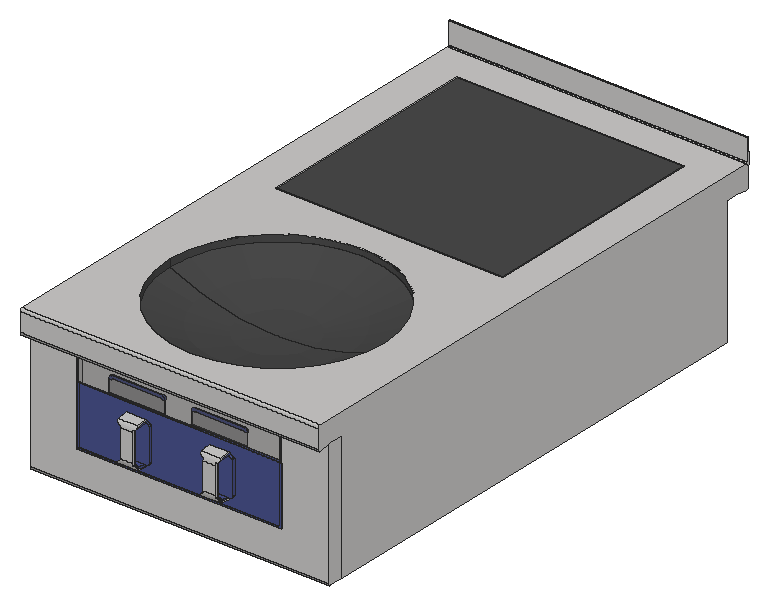
Revit family "QF_ELECTROLUXPROFESSIONAL_589040_MCIJABEOAO", category Specialty Equipment, Revit 2018
Family settings
  Round Connector Dimension = Use Diameter
  Part Type = Normal
  Work Plane-Based = No
  Always vertical = Yes
  Cut with Voids When Loaded = No
  Shared = No
  Room Calculation Point = No
Parameters
  Weight in Pounds = 55.1
  Watts = 10000 VA  # 10000 W
  Volts = 400 V  # constant formula
  URL Cutsheet = ""
  Type Mark [instance] = ""
  Status [instance] = ""
  Specification by User [instance] = ""
  Specification by Manufacturer = ""
  Serial Number = ""
  Seismic Rating = ""
  SMACNA No = ""
  Revision Code [instance] = ""
  Phase = 3  # constant formula
  Omniclass Number and Title = ""
  Number of Poles [instance] = 1
  NAFEM Spec ID Number = ""
  Model = "589040"
  Min Ckt Ampacity = 0 A
  Max Overcurrent Protection = 0 A
  Masterspec = ""
  Manufacturer = "ELECTROLUX"
  Item Number [instance] = ""
  Installed By [instance] = ""
  Identify Quantity as Lot [instance] = yes
  HP = "13.4 HP"
  Furnished By [instance] = ""
  Foodservice Equipment Identifier [instance] = yes
  FL Amps [instance] = if(Phase = 3, Watts / (Volts * 1.73), Watts / Volts)  # 14.4509 A
  Electrical Remarks = "400 V/3N ph/50/60 Hz"  # constant formula
  Electric Connection Type [instance] = ""
  Elec Conn RI Height [instance] = 0 mm
  Elec Conn Connection Height [instance] = 0 mm
  Direct Waste Size = 0"
  Description = "INDUCT.WOK+PLATE,2ZONE,1S,BS,500X900X250"
  Cycle [instance] = if([60 Hertz Option], 60 Hz, 50 Hz)  # 60 Hz
  Conn Plug = ""
  Conn Conduit = yes
  CSI MasterFormat = ""
  CSI Master Format = ""
  Apparent Power [instance] = if(Phase = 3, Volts * FL Amps * 1.73, Volts * FL Amps)  # 10000 VA
  60 Hertz Option [instance] = not([50 Hertz Option])  # yes
  50 Hertz Option [instance] = no
Reference planes
  plane 1 "BACK": y = 0
  plane 2: z = 0
  plane 3 "LEFT": x = 0
  plane 4 "RIGHT": x = 500
  plane 5 "FRONT": y = -900
  plane 6 "TOP": z = 250
  plane 7: x = 250
  plane 8: y = -450
  plane 9: x = 455
Forms (mm)
  Extrusion 1, solid, material "QF_Finishes_Stainless Steel"
    sketch origin (0, -487.128, 0) x (0, 1, 0) y (0, 0, 1)
      loop
        line (483.128, 250) -> (-408.872, 250)
        arc (-408.872, 250) -> (-411.7, 248.828) -> (-412.872, 246) r 4
        line (-412.872, 246) -> (-412.872, 214)
        arc (-412.872, 214) -> (-411.443, 210.936) -> (-408.177, 210.061) r 4
        line (-408.177, 210.061) -> (-391.509, 213) -> (-366.872, 213) -> (-366.872, 0) -> (441.128, 0) -> (441.128, 213) -> (465.765, 213) -> (482.433, 210.061)
        arc (482.433, 210.061) -> (485.699, 210.936) -> (487.128, 214) r 4
        line (487.128, 214) -> (487.128, 246)
        arc (487.128, 246) -> (485.956, 248.828) -> (483.128, 250) r 4
    from 0 to 500
  Extrusion 2, solid, material "QF_Finishes_Stainless Steel"
    sketch origin (0, -854, 0) x (1, 0, 0) y (0, -1, 0)
      loop
        circle (455, -169) r 6.35
    from 0 to 3.2
  Revolve 3, void
    sketch origin (1178.738, -675, 1219.2) x (-1, 0, 0) y (0, 0, 1)
      loop
        line (928.738, -969.2) -> (928.738, -1021.018)
        arc (928.738, -1021.018) -> (1020.986, -1010.707) -> (1108.738, -980.45) r 421.407
        line (1108.738, -980.45) -> (1108.738, -969.2) -> (928.738, -969.2)
      axis (928.738, -969.2) -> (928.738, -1021.018)
    angle from 0 to 360
  Extrusion 4, solid, material "QF_Finishes_Black"
    sketch origin (-975.299, -4572, 250) x (-1, 0, 0) y (0, -1, 0)
      loop
        line (-1035.299, -4132) -> (-1415.299, -4132) -> (-1415.299, -4512) -> (-1035.299, -4512) -> (-1035.299, -4132)
    from 0 to -25.4
  Extrusion 5, void
    sketch origin (-975.299, -4572, 250) x (-1, 0, 0) y (0, -1, 0)
      loop
        line (-1035.299, -4132) -> (-1415.299, -4132) -> (-1415.299, -4512) -> (-1035.299, -4512) -> (-1035.299, -4132)
    from 0 to -25.4
  Extrusion 6, solid, material "QF_Finishes_Stainless Steel"
    sketch origin (0, -950.048, 294.179) x (0, -1, 0) y (0, 0, -1)
      loop
        arc (-948.097, 42.179) -> (-947.511, 43.594) -> (-946.097, 44.179) r 2
        arc (-946.097, 44.179) -> (-948.877, 45.357) -> (-950.048, 48.185) r 4
        line (-950.048, 48.185) -> (-950.048, 6.179) -> (-948.097, 6.179) -> (-948.097, 42.179)
    from 0 to 500
Cuts and joins
  Revolve 3, Extrusion 5 cuts Extrusion 1
Lines and regions (mm)
  symbolic lines
    curve 1: line (0, 0, 0) -> (500, 0, 0)
    curve 2: line (0, -900, 0) -> (0, 0, 0)
    curve 3: line (500, -900, 0) -> (0, -900, 0)
    curve 4: line (500, 0, 0) -> (500, -900, 0)
    curve 5: arc (70, -675, 0) -> (250, -495, 0) -> (430, -675, 0) r 180
    curve 6: arc (430, -675, 0) -> (250, -855, 0) -> (70, -675, 0) r 180
    curve 7: line (440, -60, 250) -> (60, -60, 250)
    curve 8: line (440, -440, 250) -> (440, -60, 250)
    curve 9: line (60, -440, 250) -> (440, -440, 250)
    curve 10: line (60, -60, 250) -> (60, -440, 250)
    curve 11: line (0, -1.951, 250) -> (500, -1.951, 250)
Dimensions and locks
  plane 3 "LEFT" to plane 4 "RIGHT" = 500 mm
  plane 5 "FRONT" to plane 1 "BACK" = 900 mm
  equal spacing: plane 3 "LEFT", plane 7, plane 4 "RIGHT"
  equal spacing: plane 5 "FRONT", plane 8, plane 1 "BACK"
  plane 6 "TOP" to level = 250 mm  (x2)
  plane 1 "BACK" to plane 5 "FRONT" = 900 mm
  Extrusion 2 sketch curve to plane 1 "BACK" = 685 mm
  Extrusion 2 sketch curve to plane 4 "RIGHT" = 45 mm
  plane 1 "BACK" to Extrusion 2 = 685 mm
  plane 9 to plane 4 "RIGHT" = 45 mm
  plane 5 "FRONT" to plane 8 = 450 mm
  plane 1 "BACK" to plane 8 = 450 mm
  aligned and locked: level to plane 2
Automatic sketch dimensions
  Extrusion 1 sketch curve to plane 5 "FRONT" = 0 mm
  Extrusion 1 sketch curve to plane 6 "TOP" = 0 mm
  Extrusion 1 sketch curve to level = 0 mm
  Extrusion 1 sketch curve to plane 1 "BACK" = 0 mm
  Extrusion 1 sketch curve to plane 6 "TOP" = 37 mm  (x2)
  Extrusion 1 sketch curve to plane 5 "FRONT" = 4 mm
  Extrusion 1 sketch curve to plane 5 "FRONT" = 21.363 mm
  Extrusion 1 sketch curve to Extrusion 1 sketch curve = 24.637 mm
  plane 1 "BACK" to Extrusion 1 sketch curve = 46 mm
  plane 1 "BACK" to Extrusion 1 sketch curve = 21.363 mm
  plane 1 "BACK" to Extrusion 1 sketch curve = 4 mm  (x2)
  Extrusion 1 sketch curve to Extrusion 1 sketch curve = 4 mm
  Extrusion 1 sketch curve to Extrusion 1 sketch curve = 0.695 mm
  Extrusion 1 sketch curve to Extrusion 1 sketch curve = 0 mm  (x4)
  plane 1 "BACK" to Extrusion 1 sketch curve = 4.695 mm
  Extrusion 1 sketch curve to Extrusion 1 sketch curve = 1 mm  (x2)
  plane 1 "BACK" to curve 1 = 0 mm
  curve 1 to plane 4 "RIGHT" = 0 mm
  curve 3 to plane 3 "LEFT" = 0 mm
  plane 5 "FRONT" to curve 3 = 0 mm
  curve 6 to plane 7 = 0 mm
  plane 9 to curve 6 = 25 mm
  Revolve 3 sketch curve to plane 7 = 0 mm  (x2)
  Revolve 3 sketch curve to plane 6 "TOP" = 0 mm
  Revolve 3 sketch curve to plane 6 "TOP" = 51.818 mm
  plane 3 "LEFT" to Revolve 3 sketch curve = 70 mm
  plane 7 to Revolve 3 sketch curve = 0.405 mm
  Revolve 3 sketch curve to Revolve 3 sketch curve = 11.25 mm
  Revolve 3 sketch curve to level = 215 mm
  plane 6 "TOP" to Revolve 3 sketch curve = 110 mm
  plane 9 to Extrusion 4 sketch curve = 15 mm
  plane 1 "BACK" to Extrusion 4 sketch curve = 60 mm
  plane 3 "LEFT" to Extrusion 4 sketch curve = 60 mm
  plane 8 to Extrusion 4 sketch curve = 10 mm
  plane 9 to Extrusion 5 sketch curve = 15 mm
  plane 1 "BACK" to Extrusion 5 sketch curve = 60 mm
  plane 3 "LEFT" to Extrusion 5 sketch curve = 60 mm
  plane 8 to Extrusion 5 sketch curve = 10 mm
  curve 5 to curve 6 = 0 mm
  curve 5 to plane 5 "FRONT" = 225 mm
  plane 9 to curve 8 = 15 mm
  plane 1 "BACK" to curve 8 = 60 mm
  plane 8 to curve 8 = 10 mm
  plane 3 "LEFT" to curve 9 = 60 mm
  Extrusion 6 sketch curve to plane 1 "BACK" = 0 mm  (x2)
  Extrusion 6 sketch curve to plane 6 "TOP" = 2 mm
  Extrusion 6 sketch curve to plane 6 "TOP" = 0 mm
  Extrusion 6 sketch curve to Extrusion 6 sketch curve = 1.951 mm
  plane 6 "TOP" to Extrusion 6 sketch curve = 0.006 mm
  Extrusion 6 sketch curve to Extrusion 6 sketch curve = 0.049 mm
  Extrusion 6 sketch curve to Extrusion 6 sketch curve = 36 mm
  Extrusion 6 sketch curve to Extrusion 6 sketch curve = 0 mm
  radius of Extrusion 2 sketch curve = 6.35 mm
Nested families
  nested 1: "IW_900_500 mm Double Control Front Panel" at (252.376, -854, -650), type "IW_900_500 mm Double Control Front Panel"
Connectors
  electrical at (455, -685, -3.2), driven by "Volts", driven by "Watts"
    settings: on Extrusion 2, index 1, voltage 400 V, apparent load 10000 VA, apparent load phase1 0 VA, apparent load phase2 0 VA, apparent load phase3 0 VA, power factor 1, load classification "Other", number of poles 1, system type 30, power factor state 1, is connector primary yes, connector utility no, sub classification motor no, connector description "ELECTRICAL CONNECTION"
Definition of nested family "IW_900_500 mm Double Control Front Panel"
  Reference planes
    plane 1 "Center (Front/Back)": y = 0
    plane 2: z = 0
    plane 3 "Center (Left/Right)": x = -2.376
    plane 4: x = -252.376
    plane 5: x = 247.624
  Forms (mm)
    Extrusion 1, solid
      sketch origin (833.217, 829.203, -1.25) x (0, 1, 0) y (0, 0, 1)
        loop
          arc (-854.203, 654.25) -> (-853.324, 652.129) -> (-851.203, 651.25) r 3
          line (-851.203, 651.25) -> (-829.203, 651.25) -> (-829.203, 864.25) -> (-854.203, 864.25) -> (-854.203, 654.25)
      from -1085.593 to -585.593
    Extrusion 2, void
      sketch origin (33.217, 829.203, -1.25) x (1, 0, 0) y (0, 0, 1)
        loop
          line (-207.593, 852.364) -> (-207.593, 710.364) -> (136.407, 710.364) -> (136.407, 852.364) -> (-207.593, 852.364)
      from 843.409 to 854.203
  Cuts and joins
    Extrusion 2 cuts Extrusion 1
  Lines and regions (mm)
    symbolic lines
      curve 1: line (-55.722, -48.326, 0) -> (-55.722, -46, 0)
      curve 2: spline (-61.391, -49.73, 0) -> (-60.912, -49.657, 0) -> (-60.434, -49.575, 0) -> (-59.957, -49.486, 0) -> (-59.481, -49.389, 0) -> (-59.007, -49.283, 0) -> (-58.533, -49.17, 0) -> (-58.061, -49.049, 0) -> (-57.59, -48.92, 0) -> (-57.121, -48.783, 0) -> (-56.653, -48.638, 0) -> (-56.187, -48.486, 0) -> (-55.722, -48.326, 0)
      curve 3: line (-87.938, -48.326, 0) -> (-87.938, -46, 0)
      curve 4: spline (-87.938, -48.326, 0) -> (-87.473, -48.486, 0) -> (-87.007, -48.638, 0) -> (-86.54, -48.783, 0) -> (-86.07, -48.92, 0) -> (-85.599, -49.049, 0) -> (-85.127, -49.17, 0) -> (-84.653, -49.283, 0) -> (-84.179, -49.389, 0) -> (-83.703, -49.486, 0) -> (-83.226, -49.575, 0) -> (-82.748, -49.657, 0) -> (-82.269, -49.73, 0)
      curve 5: line (-61.391, -49.73, 0) -> (-82.269, -49.73, 0)
      curve 6: line (83.241, -48.326, 0) -> (83.241, -46, 0)
      curve 7: spline (77.572, -49.73, 0) -> (78.051, -49.657, 0) -> (78.529, -49.575, 0) -> (79.006, -49.486, 0) -> (79.482, -49.389, 0) -> (79.956, -49.283, 0) -> (80.43, -49.17, 0) -> (80.902, -49.049, 0) -> (81.373, -48.92, 0) -> (81.842, -48.783, 0) -> (82.31, -48.638, 0) -> (82.776, -48.486, 0) -> (83.241, -48.326, 0)
      curve 8: line (51.025, -48.326, 0) -> (51.025, -46, 0)
      curve 9: spline (51.025, -48.326, 0) -> (51.489, -48.486, 0) -> (51.956, -48.638, 0) -> (52.423, -48.783, 0) -> (52.893, -48.92, 0) -> (53.364, -49.049, 0) -> (53.836, -49.17, 0) -> (54.309, -49.283, 0) -> (54.784, -49.389, 0) -> (55.26, -49.486, 0) -> (55.737, -49.575, 0) -> (56.215, -49.657, 0) -> (56.694, -49.73, 0)
      curve 10: line (77.572, -49.73, 0) -> (56.694, -49.73, 0)
  Dimensions and locks
    equal spacing: plane 5, plane 3 "Center (Left/Right)", plane 4
    plane 5 to plane 4 = 500 mm
    locked: nested 2 to plane 4 at 156.952
    locked: plane 5 to nested 1 at 156.897
    locked: nested 2 to plane 4 at 180.772
    locked: plane 5 to nested 1 at 180.718
    aligned and locked: cut or joined group of Extrusion 1, Extrusion 2 to plane 4
    aligned and locked: plane 5 to cut or joined group of Extrusion 1, Extrusion 2
    aligned and locked: plane 3 "Center (Left/Right)" to nested 3
  Automatic sketch dimensions
    Extrusion 1 sketch curve to plane 1 "Center (Front/Back)" = 0 mm
    plane 1 "Center (Front/Back)" to Extrusion 1 sketch curve = 22 mm
    Extrusion 1 sketch curve to Extrusion 1 sketch curve = 3 mm
    level to Extrusion 1 sketch curve = 650 mm
    Extrusion 1 sketch curve to Extrusion 1 sketch curve = 210 mm
    curve 3 to plane 3 "Center (Left/Right)" = 85.562 mm
    curve 3 to curve 5 = 5.669 mm
    curve 5 to curve 5 = 20.878 mm
    curve 5 to curve 1 = 5.669 mm
    curve 8 to curve 10 = 5.669 mm
    curve 10 to curve 10 = 20.878 mm
    curve 10 to curve 6 = 5.669 mm
    curve 5 to curve 4 = 4.17 mm
    curve 2 to curve 2 = 4.17 mm
    curve 10 to curve 9 = 4.17 mm
    plane 1 "Center (Front/Back)" to curve 7 = 6.899 mm
    curve 9 to curve 7 = 12.538 mm
    curve 10 to curve 6 = 1.405 mm
    curve 9 to curve 8 = 1.405 mm
    curve 5 to curve 1 = 1.405 mm
    curve 4 to curve 3 = 1.405 mm
    curve 4 to curve 5 = 0.302 mm
    curve 9 to curve 10 = 0.302 mm
    curve 2 to curve 2 = 0.302 mm
    plane 4 to Extrusion 2 sketch curve = 78 mm
    level to Extrusion 2 sketch curve = 709.114 mm
    Extrusion 2 sketch curve to plane 5 = 78 mm
    Extrusion 2 sketch curve to Extrusion 2 sketch curve = 142 mm
    plane 1 "Center (Front/Back)" to curve 3 = 46 mm
    curve 6 to curve 6 = 2.326 mm
    curve 9 to curve 8 = 2.326 mm
    curve 1 to curve 1 = 2.326 mm
    plane 3 "Center (Left/Right)" to curve 8 = 53.401 mm
    plane 1 "Center (Front/Back)" to curve 10 = 49.73 mm
    curve 5 to curve 3 = 3.73 mm
  Nested families
    nested 1: "Range Control Handle" at (66.906, -28.137, -209.113), type "Range Control Handle"
    nested 2: "Range Control Handle" at (-71.604, -28.137, -209.113) x (-1, 0, 0) z (0, 0, 1), type "Range Control Handle"
    nested 3: "glass conrol panel One Right Side" at (-2.376, 278.697, 0), type "glass conrol panel One Right Side"
  Definition of nested family "Range Control Handle"
    Reference planes
      plane 1 "Center (Front/Back)": y = 0
      plane 2: z = 0
      plane 3 "Center (Left/Right)": x = 0
      plane 4: z = 971.092
    Forms (mm)
      Extrusion 1, solid
        sketch origin (-746.28, 380.497, 208.931) x (-1, 0, 0) y (0, 0, 1)
          loop
            line (-770.101, 786.798) -> (-770.101, 731.649)
            arc (-770.101, 731.649) -> (-769.759, 730.563) -> (-768.855, 729.87) r 1.893
            line (-768.855, 729.87) -> (-763.474, 727.911) -> (-729.81, 727.911) -> (-724.428, 729.87)
            arc (-724.428, 729.87) -> (-723.525, 730.563) -> (-723.183, 731.649) r 1.893
            line (-723.183, 731.649) -> (-723.183, 786.798)
            arc (-723.183, 786.798) -> (-723.529, 787.894) -> (-724.44, 788.593) r 1.91
            line (-724.44, 788.593) -> (-729.683, 790.819) -> (-763.601, 790.819) -> (-768.844, 788.593)
            arc (-768.844, 788.593) -> (-769.755, 787.894) -> (-770.101, 786.798) r 1.91
        from -382.35 to -378.852
      Sweep 2, solid
        path origin (-746.788, 380.496, 208.091) x (0, -1, 0) y (0, 0, 1)
          loop
            line (379.775, 793.281) -> (395.661, 791.048)
            arc (395.661, 791.048) -> (397.781, 787.377) -> (398.517, 783.202) r 12.207
            line (398.517, 783.202) -> (398.517, 737.368)
            arc (398.517, 737.368) -> (397.781, 733.193) -> (395.661, 729.522) r 12.207
            line (395.661, 729.522) -> (379.775, 727.289)
        profile origin (-746.788, -7.222, 1000.256) x (0, -0.139173, 0.990268) y (-1, 0, 0)
          loop
            line (0.782, -763.123) -> (0.782, -730.907) -> (-1.322, -730.907) -> (-1.322, -763.123) -> (0.782, -763.123)
      Sweep 3, solid
        path origin (-746.788, 380.715, 207.832) x (0, -1, 0) y (0, 0, 1)
          loop
            line (380.478, 795.442) -> (397.218, 793.09)
            arc (397.218, 793.09) -> (399.929, 788.473) -> (400.871, 783.202) r 15.207
            line (400.871, 783.202) -> (400.871, 737.584)
            arc (400.871, 737.584) -> (399.914, 732.274) -> (397.164, 727.633) r 15.207
            line (397.164, 727.633) -> (380.601, 725.305)
        profile origin (-746.788, -8.132, 1002.099) x (0, -0.139173, 0.990268) y (-1, 0, 0)
          loop
            line (0.782, -763.123) -> (0.782, -730.907) -> (-1.322, -730.907) -> (-1.322, -763.123) -> (0.782, -763.123)
      Extrusion 4, void
        sketch origin (889.253, 220.666, 207.993) x (1, 0, 0) y (0, 0, 1)
          loop
            line (-943.038, 816.854) -> (-943.038, 703.686) -> (-899.466, 734.196) -> (-899.466, 786.344) -> (-943.038, 816.854)
        from 230.636 to 242.25
      Extrusion 5, void
        sketch origin (-888.8, 220.666, 207.993) x (-1, 0, 0) y (0, 0, -1)
          loop
            line (-943.038, -816.854) -> (-899.466, -786.344) -> (-899.466, -734.196) -> (-943.038, -703.686) -> (-943.038, -816.854)
        from 230.636 to 242.25
      Extrusion 6, solid
        sketch origin (0, 0, 0) x (1, 0, 0) y (0, 0, 1)
          loop
            circle (0, 971.092) r 7.736
        from -3.137 to -1.645
    Cuts and joins
      Extrusion 4, Extrusion 5 cuts Sweep 3
      Extrusion 4, Extrusion 5 cuts Sweep 2
      joined: Extrusion 1, Extrusion 6
    Lines and regions (mm)
      symbolic lines
        curve 1: line (23.821, 1.645, 0) -> (-23.097, 1.645, 0)
        curve 2: line (16.334, -1.853, 0) -> (23.821, -1.853, 0)
        curve 3: line (-15.881, -19.189, 0) -> (-15.881, -1.853, 0)
        curve 4: line (-23.097, -1.853, 0) -> (-15.881, -1.853, 0)
        curve 5: line (16.334, -19.189, 0) -> (16.334, -1.853, 0)
        curve 6: spline (-15.881, -19.189, 0) -> (-15.417, -19.349, 0) -> (-14.951, -19.501, 0) -> (-14.483, -19.646, 0) -> (-14.014, -19.783, 0) -> (-13.543, -19.912, 0) -> (-13.071, -20.033, 0) -> (-12.597, -20.146, 0) -> (-12.122, -20.251, 0) -> (-11.646, -20.349, 0) -> (-11.169, -20.438, 0) -> (-10.691, -20.52, 0) -> (-10.213, -20.593, 0)
        curve 7: spline (10.666, -20.593, 0) -> (11.144, -20.52, 0) -> (11.622, -20.438, 0) -> (12.099, -20.349, 0) -> (12.575, -20.251, 0) -> (13.05, -20.146, 0) -> (13.524, -20.033, 0) -> (13.996, -19.912, 0) -> (14.467, -19.783, 0) -> (14.936, -19.646, 0) -> (15.404, -19.501, 0) -> (15.87, -19.349, 0) -> (16.334, -19.189, 0)
        curve 8: line (-10.213, -20.938, 0) -> (10.716, -20.938, 0)
        curve 9: line (-23.097, 1.645, 0) -> (-23.097, -1.853, 0)
        curve 10: line (23.821, 1.645, 0) -> (23.821, -1.853, 0)
  Definition of nested family "glass conrol panel One Right Side"
    Reference planes
      plane 1 "Center (Front/Back)": y = 0
      plane 2: z = 0
      plane 3 "Center (Left/Right)": x = 0
    Forms (mm)
      Extrusion 1, solid
        sketch origin (378.286, 0, 0.617) x (1, 0, 0) y (0, 0, 1)
          loop
            line (-550.286, 806.791) -> (-550.286, 708.497) -> (-206.286, 708.497) -> (-206.286, 806.791) -> (-550.286, 806.791)
        from 300.031 to 304.8
      Extrusion 2, solid
        sketch origin (378.286, 0, 0.617) x (1, 0, 0) y (0, 0, 1)
          loop
            line (-550.286, 850.497) -> (-550.286, 806.791) -> (-206.286, 806.791) -> (-206.286, 850.497) -> (-550.286, 850.497)
        from 300.031 to 304.8
      Extrusion 3, void
        sketch origin (378.286, 0, 0.617) x (1, 0, 0) y (0, 0, 1)
          loop
            line (-547.628, 847.565) -> (-547.628, 710.699) -> (-209.196, 710.699) -> (-209.196, 847.565) -> (-547.628, 847.565)
        from 303.697 to 304.8
      Extrusion 4, solid
        sketch origin (377.536, 1.101, -0.633) x (1, 0, 0) y (0, 0, 1)
          loop
            line (-261.431, 812.62) -> (-261.431, 834.177) -> (-266.24, 834.177) -> (-268.039, 835.977) -> (-348.469, 835.977) -> (-350.269, 834.177) -> (-355.186, 834.177) -> (-355.186, 812.62) -> (-261.431, 812.62)
        from 304.798 to 306.745
      Extrusion 5, solid
        sketch origin (377.536, 1.101, -0.633) x (1, 0, 0) y (0, 0, 1)
          loop
            line (-350.269, 834.177) -> (-348.469, 835.977) -> (-268.039, 835.977) -> (-266.24, 834.177) -> (-261.529, 834.177)
            arc (-261.529, 834.177) -> (-262.706, 838.752) -> (-266.98, 840.763) r 5.549
            line (-266.98, 840.763) -> (-349.686, 840.763)
            arc (-349.686, 840.763) -> (-353.942, 838.747) -> (-355.078, 834.177) r 5.5
            line (-355.078, 834.177) -> (-350.269, 834.177)
        from 304.798 to 306.745
      Extrusion 6, solid
        sketch origin (-377.536, 1.101, -0.633) x (-1, 0, 0) y (0, 0, -1)
          loop
            line (-261.431, -812.62) -> (-355.186, -812.62) -> (-355.186, -834.177) -> (-350.269, -834.177) -> (-348.469, -835.977) -> (-268.039, -835.977) -> (-266.24, -834.177) -> (-261.431, -834.177) -> (-261.431, -812.62)
        from 304.798 to 306.745
      Extrusion 7, solid
        sketch origin (-377.536, 1.101, -0.633) x (-1, 0, 0) y (0, 0, -1)
          loop
            line (-350.269, -834.177) -> (-355.078, -834.177)
            arc (-355.078, -834.177) -> (-353.942, -838.747) -> (-349.686, -840.763) r 5.5
            line (-349.686, -840.763) -> (-266.98, -840.763)
            arc (-266.98, -840.763) -> (-262.706, -838.752) -> (-261.529, -834.177) r 5.549
            line (-261.529, -834.177) -> (-266.24, -834.177) -> (-268.039, -835.977) -> (-348.469, -835.977) -> (-350.269, -834.177)
        from 304.798 to 306.745
    Cuts and joins
      Extrusion 3 cuts Extrusion 1
      Extrusion 3 cuts Extrusion 2
      Extrusion 3 cuts Extrusion 4
      Extrusion 3 cuts Extrusion 5
    Dimensions and locks
      aligned and locked: Extrusion 1 to Extrusion 2
      aligned and locked: Extrusion 5 sketch curve to Extrusion 4  (x4)
      aligned and locked: Extrusion 4 to Extrusion 5 sketch curve
      aligned and locked: Extrusion 5 to Extrusion 4
      aligned and locked: Extrusion 7 sketch curve to Extrusion 6  (x5)
      aligned and locked: Extrusion 7 to Extrusion 6
